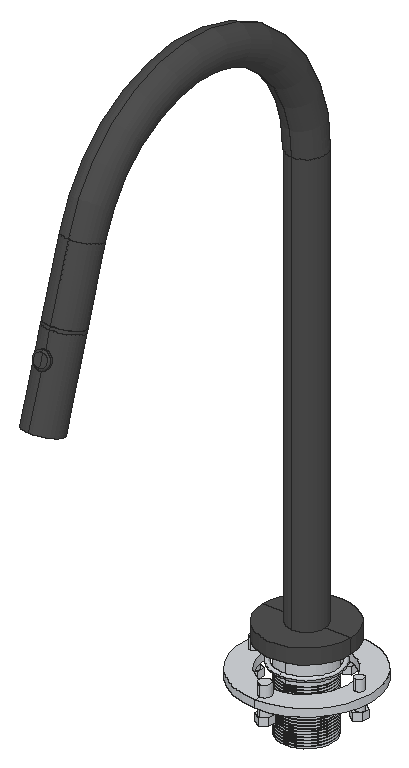
Revit family "Reece_Tap_Milli_Pure_Sink Outlet_Hob Mount_with Pull Out Spray_225 mm", category Plumbing Fixtures, host Face, Revit 2018
Family settings
  Host = Face
  Round Connector Dimension = Use Diameter
  Part Type = Normal
  Cut with Voids When Loaded = No
  Shared = Yes
  Room Calculation Point = Yes
Parameters (values of type "Matte Black")
  WFU = 0  # constant formula
  URL = "https://www.reece.com.au/product/-2264067"
  Type Comments = "Tap"
  Reece_Tap_Reach = 225 mm  # constant formula
  Reece_Tap_Inlet = 15 mm  # constant formula
  Reece_Tap_Clearance = 225 mm  # constant formula
  Reece_Product_Web Page = "https://www.reece.com.au/product/-2264067"
  Reece_Product_Type = "Tap"  # constant formula
  Reece_Product_Sub Brand = "Pure"  # constant formula
  Reece_Product_Number = "2264067"
  Reece_Product_Mount = "Hob Mounted"
  Reece_Product_Description = "Milli Pure Hob Sink Outlet with Pull Out Spray Matte Black (4 Star)"
  Reece_Product_Brand = "Milli"  # constant formula
  Reece_Overall_Length = 266.9 mm  # constant formula
  Reece_Overall_Height = 410 mm  # constant formula
  Reece_Material_Colour = Reece_Brass_Matte Black
  Reece_Material-Main = Reece_Brass_Matte Black
  Reece_Detail_Shape = ""
  Reece_Detail_Disclaimer = "THIS FILE IS THE PROPERTY OF THE REECE GROUP. IT MAY NOT BE REPRODUCED, REVERSE-ENGINEERED OR MODIFIED. ANY REPUBLICATION, TRANSMISSION OR DISTRIBUTION FOR THE PURPOSE OF COMMERCIALLY EXPLOITING THE FILES IS PROHIBITED."  # constant formula
  Reece_Detail_Connector = ""
  Reece_Detail_Additional = "Sink Outlet with Pull out Spray"  # constant formula
  Model = "Pure"
  Manufacturer = "Milli"
  Keynote = "Product #2264067, Reece_Tap_Milli_Pure_Sink Outlet_Hob Mount_with Pull Out Spray_225 mm - Matte Black"
  HWFU = 0  # constant formula
  Disclaimer = "THIS FILE IS THE PROPERTY OF THE REECE GROUP. IT MAY NOT BE REPRODUCED, REVERSE-ENGINEERED OR MODIFIED. ANY REPUBLICATION, TRANSMISSION OR DISTRIBUTION FOR THE PURPOSE OF COMMERCIALLY EXPLOITING THE FILES IS PROHIBITED."  # constant formula
  Description = "Milli Pure Hob Sink Outlet with Pull Out Spray Matte Black (4 Star)"
  Default Elevation = 1000 mm
  CWFU = 0  # constant formula
Types (7, lengths in mm): name | URL | Reece_Product_Web Page | Reece_Product_Number | Reece_Product_Description | Reece_Material-Main | Keynote | Description
  (no name) | "https://www.reece.com.au/product/-2264069" | "https://www.reece.com.au/product/-2264069" | "2264069" | "Milli Pure Hob Sink Outlet with Pull Out Spray Gunmetal (4 Star)" | Reece_Brass_Brushed Gunmetal | "Product #2264069, Reece_Tap_Milli_Pure_Sink Outlet_Hob Mount_with Pull Out Spray_225 mm -  " | "Milli Pure Hob Sink Outlet with Pull Out Spray Gunmetal (4 Star)"
  Brushed Nickel | "https://www.reece.com.au/product/-2264068" | "https://www.reece.com.au/product/-2264068" | "2264068" | "Milli Pure Hob Sink Outlet with Pull Out Spray Brushed Nickel (4 Star)" | Reece_Brass_Brushed Nickel | "Product #2264068, Reece_Tap_Milli_Pure_Sink Outlet_Hob Mount_with Pull Out Spray_225 mm - Brushed Nickel" | "Milli Pure Hob Sink Outlet with Pull Out Spray Brushed Nickel (4 Star)"
  Brushed Gunmetal | "https://www.reece.com.au/product/-2264069" | "https://www.reece.com.au/product/-2264069" | "2264069" | "Milli Pure Hob Sink Outlet with Pull Out Spray Gunmetal (4 Star)" | Reece_Brass_Brushed Gunmetal | "Product #2264069, Reece_Tap_Milli_Pure_Sink Outlet_Hob Mount_with Pull Out Spray_225 mm - Brushed Gunmetal" | "Milli Pure Hob Sink Outlet with Pull Out Spray Gunmetal (4 Star)"
  Chrome | "https://www.reece.com.au/product/-2264066" | "https://www.reece.com.au/product/-2264066" | "2264066" | "Milli Pure Hob Sink Outlet with Pull Out Spray Chrome (4 Star)" | Reece_Brass_Chrome | "Product #2264066, Reece_Tap_Milli_Pure_Sink Outlet_Hob Mount_with Pull Out Spray_225 mm - Chrome" | "Milli Pure Hob Sink Outlet with Pull Out Spray Chrome (4 Star)"
  Matte Black | "https://www.reece.com.au/product/-2264067" | "https://www.reece.com.au/product/-2264067" | "2264067" | "Milli Pure Hob Sink Outlet with Pull Out Spray Matte Black (4 Star)" | Reece_Brass_Matte Black | "Product #2264067, Reece_Tap_Milli_Pure_Sink Outlet_Hob Mount_with Pull Out Spray_225 mm - Matte Black" | "Milli Pure Hob Sink Outlet with Pull Out Spray Matte Black (4 Star)"
  PVD Brushed Bronze | "https://www.reece.com.au/product/-9511136" | "https://www.reece.com.au/product/-9511136" | "9511136" | "Milli Pure Hob Sink Outlet with Pull Out Spray PVD Brushed Bronze (4 Star)" | Reece_PVD_Brushed Bronze | "Product #9511136, Reece_Tap_Milli_Pure_Sink Outlet_Hob Mount_with Pull Out Spray_225 mm - PVD Brushed Bronze" | "Milli Pure Hob Sink Outlet with Pull Out Spray PVD Brushed Bronze (4 Star)"
  PVD Brushed Gold | "https://www.reece.com.au/product/-9510951" | "https://www.reece.com.au/product/-9510951" | "9510951" | "Milli Pure Hob Sink Outlet with Pull Out Spray PVD Brushed Gold (4 Star)" | Reece_PVD_Brushed Gold | "Product #9510951, Reece_Tap_Milli_Pure_Sink Outlet_Hob Mount_with Pull Out Spray_225 mm - PVD Brushed Gold" | "Milli Pure Hob Sink Outlet with Pull Out Spray PVD Brushed Gold (4 Star)"
Reference planes
  plane 1 "Center (Front/Back)": y = 0
  plane 2 "Bottom": z = 0
  plane 3 "Center (Left/Right)": x = 0
  plane 4 "Top": z = 410
  plane 5: y = -225
  plane 6: z = 225
  plane 7: y = 30
  plane 8: y = -236.9
  plane 9 "a": through (0, -234.983, 193.807) normal (0, -0.9524, 0.3048)
Forms (mm)
  Extrusion 1, void
    sketch origin (0, 0, 0) x (1, 0, 0) y (0, 1, 0)
      loop
        circle (0, 0) r 18.5
    from -40 to 0
  Revolve 2, solid, material "Reece_Brass_Matte Black" <- "Reece_Material-Main"
    sketch origin (3.5, 0, 0) x (-1, 0, 0) y (0, 0, 1)
      loop
        line (-26.5, 10) -> (-26.5, 0) -> (3.5, 0) -> (3.5, 10) -> (-26.5, 10)
      axis (3.5, 10) -> (3.5, 0)
    angle from 0 to 360
  Sweep 3, solid, material "Reece_Brass_Matte Black" <- "Reece_Material-Main"
    path origin (0, 0, 0) x (0, 1, 0) y (0, 0, 1)
      loop
        line (-206.571, 282.582) -> (-191.649, 329.209)
        arc (-191.649, 329.209) -> (-83.019, 396.274) -> (0, 299.289) r 98.16
        line (0, 299.289) -> (0, 9.984)
    profile origin (0, -199.11, 305.895) x (0, -0.952413, 0.304811) y (1, 0, 0)
      loop
        circle (0, 0) r 12.5
  Revolve 4, solid, material "Reece_Brass_Matte Black" <- "Reece_Material-Main"
    sketch origin (0, -15.181, 305.081) x (0, 0.999227, 0.039319) y (0, -0.039319, 0.999227)
      loop
        line (-201.059, -76.044) -> (-181.171, -21.402) -> (-183.051, -20.718) -> (-202.939, -75.36) -> (-201.059, -76.044)
      axis (-192.917, -17.127) -> (-212.805, -71.769)
    angle from 0 to 360
  Revolve 5, solid, material "Reece_Brass_Matte Black" <- "Reece_Material_Colour"
    sketch origin (0, -65.185, 148.837) x (0, 0.790726, -0.612171) y (0, -0.612171, -0.790726)
      loop
        line (-181.795, -23.115) -> (-181.118, -21.255) -> (-182.997, -20.571) -> (-183.674, -22.431) -> (-181.795, -23.115)
      axis (-192.864, -16.98) -> (-193.541, -18.84)
    angle from 0 to 360
  Extrusion 6, solid, material "Reece_Brass_Matte Black" <- "Reece_Material-Main"
    sketch origin (0, -295.16, 90.259) x (0, -0.304811, -0.952413) y (-1, 0, 0)
      loop
        circle (-190.999, 0) r 1
    from 13.691 to 12.876
  Revolve 7, solid, material "Reece_Brass_Matte Black" <- "Reece_Material-Main"
    sketch origin (0, 0, 0) x (0, 1, 0) y (0, 0, 1)
      loop
        line (-224.679, 268.244) -> (-222.924, 273.728) -> (-224.607, 274.289)
        arc (-224.607, 274.289) -> (-225.392, 274.231) -> (-225.903, 273.632) r 1.021
        line (-225.903, 273.632) -> (-227.353, 269.1) -> (-224.679, 268.244)
      axis (-224.679, 268.244) -> (-227.353, 269.1)
    angle from 0 to 360
  Revolve 8, solid, material "Reece_Brass_Matte Black" <- "Reece_Material_Colour"
    sketch origin (0, -15.211, 304.985) x (0, 0.999227, 0.039319) y (0, -0.039319, 0.999227)
      loop
        line (-202.034, -72.874) -> (-201.039, -70.14) -> (-210.906, -66.549) -> (-211.901, -69.283) -> (-202.034, -72.874)
      axis (-210.906, -66.549) -> (-211.901, -69.283)
    angle from 0 to 360
  Revolve 9, solid
    sketch origin (0, -0.938, 0) x (0, 1, 0) y (0, 0, 1)
      loop
        circle (22.2, -14) r 1.3
      axis (0.937, -14) -> (0.937, -13)
    angle from 0 to 360
  Extrusion 10, void
    sketch origin (0, 2, -4) x (1, 0, 0) y (0, 1, 0)
      loop
        circle (0, -2) r 6.7
    from 0 to 4
  Extrusion 11, solid
    sketch origin (29.238, -0.636, 127) x (0, 1, 0) y (1, 0, 0)
      loop
        circle (0.636, 6.766) r 3
    from 138.919 to 163.091
  Revolve 12, solid
    sketch origin (0, 0, 0) x (0, 1, 0) y (0, 0, 1)
      loop
        line (44.25, -19) -> (28.648, -19) -> (28.648, -24) -> (44.25, -24) -> (44.25, -19)
      axis (0, -19) -> (0, -24)
    angle from 0 to 360
  Extrusion 13, solid
    sketch origin (29.238, -9, 0.5) x (1, 0, 0) y (0, 1, 0)
      loop
        circle (6.766, 9) r 3
      loop
        line (6.766, 14.196) -> (2.266, 11.598) -> (2.266, 6.402) -> (6.766, 3.804) -> (11.266, 6.402) -> (11.266, 11.598) -> (6.766, 14.196)
    from -36.591 to -31.682
  Revolve 14, solid
    sketch origin (0, 0, 0) x (0, 1, 0) y (0, 0, 1)
      loop
        line (12.2, -58) -> (18, -58) -> (18, -57.2) -> (17.2, -57.2) -> (17.2, -56.4) -> (18, -56.4) -> (18, -55.4) -> (17.2, -55.4) -> (17.2, -54.6) -> (18, -54.6) -> (18, -53.6) -> (17.2, -53.6) -> (17.2, -52.8) -> (18, -52.8) -> (18, -51.8) -> (17.2, -51.8) -> (17.2, -51) -> (18, -51) -> (18, -50) -> (17.2, -50) -> (17.2, -49.2) -> (18, -49.2) -> (18, -48.2) -> (17.2, -48.2) -> (17.2, -47.4) -> (18, -47.4) -> (18, -46.4) -> (17.2, -46.4) -> (17.2, -45.6) -> (18, -45.6) -> (18, -44.6) -> (17.2, -44.6) -> (17.2, -43.8) -> (18, -43.8) -> (18, -42.8) -> (17.2, -42.8) -> (17.2, -42) -> (18, -42) -> (18, -41) -> (17.2, -41) -> (17.2, -40.2) -> (18, -40.2) -> (18, -39.2) -> (17.2, -39.2) -> (17.2, -38.4) -> (18, -38.4) -> (18, -37.4) -> (17.2, -37.4) -> (17.2, -36.6) -> (18, -36.6) -> (18, -35.6) -> (17.2, -35.6) -> (17.2, -34.8) -> (18, -34.8) -> (18, -33.8) -> (17.2, -33.8) -> (17.2, -33) -> (18, -33) -> (18, -32) -> (17.2, -32) -> (17.2, -31.2) -> (18, -31.2) -> (18, -30.2) -> (17.2, -30.2) -> (17.2, -29.4) -> (18, -29.4) -> (18, -28.4) -> (17.2, -28.4) -> (17.2, -27.6) -> (18, -27.6) -> (18, -26.6) -> (17.2, -26.6) -> (17.2, -25.8) -> (18, -25.8) -> (18, -24.8) -> (17.2, -24.8) -> (17.2, -24) -> (18, -24) -> (18, -23) -> (17.2, -23) -> (17.2, -22.2) -> (18, -22.2) -> (18, -21.2) -> (17.2, -21.2) -> (17.2, -20.4) -> (18, -20.4) -> (18, 0) -> (12.2, 0) -> (12.2, -58)
      axis (0, 0) -> (0, -58)
    angle from 0 to 360
  Extrusion 15, solid
    sketch origin (0, 23.687, 131.909) x (0, 1, 0) y (1, 0, 0)
      loop
        circle (12.009, 0) r 4
    from 143.828 to 163.091
  Extrusion 16, solid
    sketch origin (0, 23.687, -31.182) x (-1, 0, 0) y (0, 1, 0)
      loop
        circle (0, 12.009) r 3
      loop
        line (0, 17.205) -> (-4.5, 14.607) -> (-4.5, 9.411) -> (0, 6.813) -> (4.5, 9.411) -> (4.5, 14.607) -> (0, 17.205)
    from 0 to 4.909
  Extrusion 17, solid
    sketch origin (0, -23.687, 131.909) x (0, 1, 0) y (1, 0, 0)
      loop
        circle (-12.009, 0) r 4
    from 143.828 to 163.091
  Extrusion 18, solid
    sketch origin (0, -23.687, -31.182) x (-1, 0, 0) y (0, 1, 0)
      loop
        circle (0, -12.009) r 3
      loop
        line (0, -17.205) -> (4.5, -14.607) -> (4.5, -9.411) -> (0, -6.813) -> (-4.5, -9.411) -> (-4.5, -14.607) -> (0, -17.205)
    from 0 to 4.909
  Extrusion 19, solid
    sketch origin (-29.238, -0.636, 127) x (0, -1, 0) y (-1, 0, 0)
      loop
        circle (-0.636, 6.766) r 3
    from 138.919 to 163.091
  Extrusion 20, solid
    sketch origin (-29.238, -9, 0.5) x (-1, 0, 0) y (0, -1, 0)
      loop
        circle (6.766, -9) r 3
      loop
        line (6.766, -14.196) -> (11.266, -11.598) -> (11.266, -6.402) -> (6.766, -3.804) -> (2.266, -6.402) -> (2.266, -11.598) -> (6.766, -14.196)
    from -36.591 to -31.682
  Revolve 21, solid, material "Reece_Brass_Matte Black" <- "Reece_Material-Main"
    sketch origin (3.5, 0, 0) x (-1, 0, 0) y (0, 0, 1)
      loop
        line (-8.711, -1.031) -> (3.5, -1.031) -> (3.5, 0) -> (-8.711, 0) -> (-8.711, -1.031)
      axis (3.5, -1.031) -> (3.5, 0)
    angle from 0 to 360
Cuts and joins
  joined: Revolve 4, Extrusion 6, Revolve 7
  Extrusion 10 cuts Revolve 2
  joined: Revolve 2, Sweep 3
  Extrusion 10 cuts Revolve 14
  Extrusion 10 cuts Extrusion 11
  Extrusion 10 cuts Extrusion 15
  joined: Extrusion 11, Revolve 12, Extrusion 15, Extrusion 17, Extrusion 19
  Extrusion 10 cuts Revolve 21
Text (mm)
  text "Reece Copyright © 2018, Reece Ltd." at (-1403.988, -1192.393, 0), in view "Ref. Level"
  text "Reece ©" at (44.384, 258.95, 192.345), in view "Reece Preview"
Dimensions and locks
  Revolve 2 sketch curve to Revolve 2 sketch curve = 30 mm
  "Reece_Overall_Height": plane 4 "Top" to plane 2 "Bottom"
  "Reece_Tap_Clearance": plane 6 to plane 2 "Bottom"
  "Reece_Tap_Reach": plane 1 "Center (Front/Back)" to plane 5
  "Reece_Overall_Length": plane 7 to plane 8
  Revolve 21 sketch curve to Revolve 21 sketch curve = 12.211 mm
  angle plane 9 "a" to plane 5 = 17.7468°
  aligned and locked: plane 2 "Bottom" to host face
  aligned and locked: level to host face
Automatic sketch dimensions
  host sketch curve to host sketch curve = 380.785 mm
  host sketch curve to host sketch curve = 317.421 mm
  Extrusion 1 sketch curve to Extrusion 1 sketch curve = 0 mm  (x2)
  Extrusion 1 sketch curve to plane 3 "Center (Left/Right)" = 0 mm
  plane 1 "Center (Front/Back)" to Extrusion 1 sketch curve = 0 mm
  plane 1 "Center (Front/Back)" to Extrusion 1 sketch curve = 18.5 mm
  Revolve 2 sketch curve to level = 0 mm
  plane 3 "Center (Left/Right)" to Revolve 2 sketch curve = 0 mm
  Revolve 2 sketch curve to plane 3 "Center (Left/Right)" = 0 mm
  level to Revolve 2 sketch curve = 10 mm
  Revolve 2 sketch curve to Revolve 2 sketch curve = 340.81 mm
  plane 4 "Top" to Revolve 2 sketch curve = 2048.37 mm
  Sweep 3 sketch curve to plane 9 "a" = 0 mm
  plane 9 "a" to Sweep 3 sketch curve = 0 mm
  Sweep 3 sketch curve to plane 1 "Center (Front/Back)" = 0 mm
  plane 6 to Sweep 3 sketch curve = 74.289 mm
  Sweep 3 sketch curve to plane 5 = 33.351 mm
  Sweep 3 sketch curve to plane 5 = 18.429 mm
  level to Sweep 3 sketch curve = 9.984 mm
  Sweep 3 sketch curve to plane 3 "Center (Left/Right)" = 0 mm
  Sweep 3 sketch curve to profile plane = 0 mm
  Revolve 4 sketch curve to plane 6 = 3.2 mm
  Revolve 4 sketch curve to plane 5 = 10 mm
  Revolve 4 sketch curve to Revolve 4 sketch curve = 1.879 mm
  Revolve 4 sketch curve to Revolve 4 sketch curve = 19.888 mm
  Revolve 4 sketch curve to Revolve 4 sketch curve = 0.684 mm
  Revolve 4 sketch curve to Revolve 4 sketch curve = 18.055 mm
  Revolve 4 sketch curve to Revolve 4 sketch curve = 8.238 mm
  Revolve 4 sketch curve to Revolve 4 sketch curve = 18.907 mm
  Revolve 4 sketch curve to Revolve 4 sketch curve = 8.066 mm
  plane 9 "a" to Revolve 5 sketch curve = 10.5 mm
  plane 5 to Revolve 5 sketch curve = 28.311 mm
  Revolve 5 sketch curve to Revolve 5 sketch curve = 0.677 mm
  Revolve 5 sketch curve to Revolve 5 sketch curve = 1.879 mm
  Revolve 5 sketch curve to Revolve 5 sketch curve = 0.684 mm
  Revolve 5 sketch curve to Revolve 5 sketch curve = 8.238 mm
  Revolve 5 sketch curve to Revolve 5 sketch curve = 37.266 mm
  Revolve 5 sketch curve to Revolve 5 sketch curve = 71.689 mm
  Revolve 5 sketch curve to Revolve 5 sketch curve = 8.066 mm
  Extrusion 6 sketch curve to plane 3 "Center (Left/Right)" = 0 mm
  plane 5 to Revolve 7 sketch curve = 2.353 mm
  plane 5 to Revolve 7 sketch curve = 0.903 mm
  Revolve 7 sketch curve to plane 5 = 0.07 mm
  Revolve 7 sketch curve to plane 5 = 0.321 mm
  Revolve 7 sketch curve to plane 5 = 0.393 mm
  Revolve 7 sketch curve to Revolve 7 sketch curve = 1.683 mm
  plane 6 to Revolve 7 sketch curve = 43.244 mm
  Revolve 7 sketch curve to Revolve 7 sketch curve = 0.856 mm
  Revolve 7 sketch curve to Revolve 7 sketch curve = 0.311 mm
  Revolve 7 sketch curve to Revolve 7 sketch curve = 0.002 mm
  Revolve 7 sketch curve to Revolve 7 sketch curve = 0 mm  (x3)
  Revolve 8 sketch curve to plane 9 "a" = 0 mm
  Revolve 8 sketch curve to plane 5 = 0.776 mm
  Revolve 8 sketch curve to Revolve 8 sketch curve = 0.995 mm
  Revolve 8 sketch curve to Revolve 8 sketch curve = 9.867 mm
  Revolve 8 sketch curve to Revolve 8 sketch curve = 0.857 mm
  Revolve 8 sketch curve to Revolve 8 sketch curve = 9.04 mm
  Revolve 8 sketch curve to Revolve 8 sketch curve = 19.67 mm
  Revolve 8 sketch curve to Revolve 8 sketch curve = 24.837 mm
  Revolve 8 sketch curve to Revolve 8 sketch curve = 54.044 mm
  Revolve 9 sketch curve to plane 1 "Center (Front/Back)" = 0 mm
  Revolve 9 sketch curve to plane 7 = 8.737 mm
  Revolve 9 sketch curve to level = 14 mm  (x2)
  Revolve 9 sketch curve to Revolve 9 sketch curve = 4.102 mm
  plane 1 "Center (Front/Back)" to Extrusion 10 sketch curve = 0 mm
  Extrusion 10 sketch curve to plane 3 "Center (Left/Right)" = 0 mm
  plane 1 "Center (Front/Back)" to Extrusion 11 sketch curve = 0 mm
  plane 3 "Center (Left/Right)" to Extrusion 11 sketch curve = 36.004 mm
  Revolve 12 sketch curve to plane 1 "Center (Front/Back)" = 0 mm
  Revolve 12 sketch curve to plane 7 = 1.352 mm
  plane 7 to Revolve 12 sketch curve = 14.25 mm
  Revolve 12 sketch curve to level = 24 mm
  Revolve 12 sketch curve to Revolve 12 sketch curve = 5 mm
  Revolve 12 sketch curve to Revolve 12 sketch curve = 316.81 mm
  plane 4 "Top" to Revolve 12 sketch curve = 433.832 mm
  plane 1 "Center (Front/Back)" to Extrusion 13 sketch curve = 0 mm
  plane 1 "Center (Front/Back)" to Extrusion 13 sketch curve = 2.598 mm  (x2)
  plane 3 "Center (Left/Right)" to Extrusion 13 sketch curve = 31.504 mm
  Extrusion 13 sketch curve to plane 1 "Center (Front/Back)" = 5.196 mm
  Extrusion 13 sketch curve to Extrusion 13 sketch curve = 4.5 mm  (x2)
  Extrusion 13 sketch curve to Extrusion 13 sketch curve = 0 mm  (x2)
  plane 1 "Center (Front/Back)" to Extrusion 13 sketch curve = 5.196 mm
  Extrusion 13 sketch curve to plane 1 "Center (Front/Back)" = 2.598 mm  (x2)
  Revolve 14 sketch curve to plane 1 "Center (Front/Back)" = 0 mm
  level to Revolve 14 sketch curve = 0 mm
  Revolve 14 sketch curve to plane 1 "Center (Front/Back)" = 12.2 mm
  Revolve 14 sketch curve to plane 7 = 12.8 mm
  Revolve 14 sketch curve to Revolve 14 sketch curve = 0 mm  (x19)
  Revolve 14 sketch curve to Revolve 14 sketch curve = 5 mm
  Revolve 14 sketch curve to Revolve 14 sketch curve = 0.8 mm  (x44)
  Revolve 14 sketch curve to level = 20.4 mm
  Revolve 14 sketch curve to Revolve 14 sketch curve = 1 mm  (x20)
  Revolve 14 sketch curve to Revolve 14 sketch curve = 145 mm
  level to Revolve 14 sketch curve = 57 mm
  Extrusion 15 sketch curve to plane 3 "Center (Left/Right)" = 0 mm
  plane 7 to Extrusion 15 sketch curve = 5.697 mm
  Extrusion 16 sketch curve to Extrusion 16 sketch curve = 0 mm  (x2)
  Extrusion 16 sketch curve to Extrusion 16 sketch curve = 4.5 mm  (x2)
  Extrusion 16 sketch curve to Extrusion 16 sketch curve = 2.598 mm  (x5)
  Extrusion 16 sketch curve to Extrusion 16 sketch curve = 5.196 mm
  Extrusion 17 sketch curve to plane 3 "Center (Left/Right)" = 0 mm
  plane 1 "Center (Front/Back)" to Extrusion 17 sketch curve = 35.697 mm
  Extrusion 18 sketch curve to Extrusion 18 sketch curve = 0 mm
  Extrusion 18 sketch curve to Extrusion 18 sketch curve = 4.5 mm  (x3)
  Extrusion 18 sketch curve to Extrusion 18 sketch curve = 2.598 mm  (x6)
  plane 1 "Center (Front/Back)" to Extrusion 19 sketch curve = 0 mm
  Extrusion 19 sketch curve to plane 3 "Center (Left/Right)" = 36.004 mm
  plane 1 "Center (Front/Back)" to Extrusion 20 sketch curve = 0 mm
  plane 1 "Center (Front/Back)" to Extrusion 20 sketch curve = 2.598 mm  (x2)
  Extrusion 20 sketch curve to plane 3 "Center (Left/Right)" = 31.504 mm
  Extrusion 20 sketch curve to plane 1 "Center (Front/Back)" = 5.196 mm
  Extrusion 20 sketch curve to Extrusion 20 sketch curve = 4.5 mm  (x2)
  Extrusion 20 sketch curve to Extrusion 20 sketch curve = 0 mm  (x2)
  plane 1 "Center (Front/Back)" to Extrusion 20 sketch curve = 5.196 mm
  Extrusion 20 sketch curve to plane 1 "Center (Front/Back)" = 2.598 mm  (x2)
  Revolve 21 sketch curve to level = 0 mm
  Revolve 21 sketch curve to plane 3 "Center (Left/Right)" = 0 mm  (x2)
  Revolve 21 sketch curve to level = 1.031 mm
  Revolve 21 sketch curve to Revolve 21 sketch curve = 2457.339 mm
  Revolve 21 sketch curve to plane 4 "Top" = 69.19 mm
  radius of Sweep 3 sketch curve = 12.5 mm
  radius of Extrusion 6 sketch curve = 1 mm
  radius of Revolve 9 sketch curve = 1.3 mm
  radius of Extrusion 10 sketch curve = 6.7 mm
  radius of Extrusion 11 sketch curve = 3 mm
  radius of Extrusion 13 sketch curve = 3 mm
  radius of Extrusion 15 sketch curve = 4 mm
  radius of Extrusion 16 sketch curve to Extrusion 15 = 1 mm
  radius of Extrusion 17 sketch curve = 4 mm
  radius of Extrusion 18 sketch curve to Extrusion 17 = 1 mm
  radius of Extrusion 19 sketch curve = 3 mm
  radius of Extrusion 20 sketch curve = 3 mm
Connectors
  piping at (0, 0, 0), diameter 15, driven by "Reece_Tap_Inlet"
    settings: on cut or joined group of Revolve 2, Sweep 3, Extrusion 10, index 1, connector inside diameter 609.6 mm, connector length 0 mm, flow factor 0, pipe flow 0.0 L/s, pressure drop 0.0 Pa, fitting loss kfactor 0, connector angle 0.00°, fixture units 0, engagement length 0 mm, angle of deflection 0.00°, flow configuration 0, flow direction 1, fitting loss method 0, system type 29, joint type 0, gender type 0, connector reference index -1, connector utility 0, adjustable connector no, is connector primary yes, connector description ""
